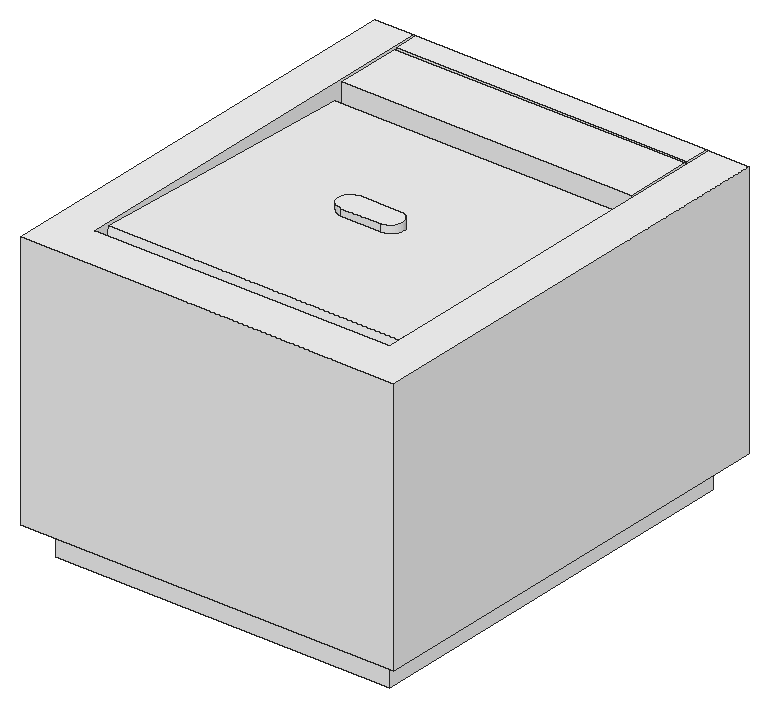
Revit family "Gira_020630", category Electrical Fixtures, host Face, Revit 2017
Family settings
  Host = Face
  Maintain Annotation Orientation = Yes
  Round Connector Dimension = Use Diameter
  Part Type = Normal
  Cut with Voids When Loaded = No
  Shared = No
  Room Calculation Point = No
Parameters (values of type "Cover plate Glass pl. of in.sp. WP surface-mounted red")
  With label area = "Yes"
  With exchangeable lens/symbol = "Yes"
  White [instance] = White
  Utilization = "Switch/push button"
  URL = "http://katalog.gira.de/en/datenblatt.html?artikelnr=020630"
  Type of fastening = "Screw mounting"
  Surface protection = "Other"
  Suitable for touch sensor connector for bus system = "No"
  Suitable for degree of protection (IP) = "IP20"
  Scannable symbol / barrier free = "No"
  RAL-number (akin) = "3000"
  Name = "Cover plate Glass pl. of in.sp. WP surface-mounted red"
  Monitoring window/light outlet = "No"
  Model = "Single rocker"
  Material quality = "Other"
  Material = "Other"
  Manufacturer URL = "https://www.gira.de/"
  Manufacturer = "Gira"
  Imprint/indication = "Without imprint"
  HeinzeBIM = "https://bimportal.heinze.de/bim/cover-plate-glass-pl-of-in-sp-wp-surface-mounted-red/3f852d1e259843d817850d7208d42c89a2ee0330"
  Halogen free = "Yes"
  HAN = "020630"
  GTIN = "4010337206309"
  Description = "Cov.pl.in.sp.pane WP SM RD,Cover plate with inscription space and glass pane suitable for water-protected rocker switches, indicator switches, and buttons,,red RAL 3000,Notes :,- Not suitable for 3-pole switches."
  Default Elevation = 1219.2 mm
  Data sheet (1) = "https://katalog.gira.de/en/download.html?artikelnr=020630"
  Colour = "Red"
  Category = "Control element/cover plate for domestic switching devices"
  BIM (1) = "https://media.stage.bim.site/public/gira/36a6b08/IP44_Komplettgerät_Schalten und Tasten.rfa?public/gira/36a6b08/IP44_Komplettgerät_Schalten und Tasten.rfa"
  Available = "No"
Reference planes
  plane 1 "Center (Front/Back)": y = 0
  plane 2: z = 0
  plane 3 "Center (Left/Right)": x = 0
  plane 4: x = 30
  plane 5: x = -30
  plane 6: z = 41.4
Forms (mm)
  Extrusion 1, solid, material "White" <- "White", detail levels medium+fine
    sketch origin (0, 0, 0) x (1, 0, 0) y (0, 1, 0)
      loop
        line (-34, 41) -> (-34, -41) -> (34, -41) -> (34, 41) -> (-34, 41)
    from 0 to -6.2
  Extrusion 2, solid, material "White" <- "White", detail levels medium+fine
    sketch origin (0, 0, 0) x (1, 0, 0) y (0, 1, 0)
      loop
        line (-38, 45) -> (-38, -45) -> (38, -45) -> (38, 45) -> (-38, 45)
    from 0 to 52.4
  Extrusion 3, void
    sketch origin (0, 0, 0) x (1, 0, 0) y (0, 0, 1)
      loop
        line (-30, 59.413) -> (-30, 41.4) -> (30, 41.4) -> (30, 59.413) -> (-30, 59.413)
    from 36 to -113.06
  Extrusion 4, solid, material "White" <- "White", detail levels medium
    sketch origin (225, 0, 0) x (1, 0, 0) y (0, 1, 0)
      loop
        line (-254.5, 44.5) -> (-254.5, -35.5) -> (-195.5, -35.5) -> (-195.5, 44.5) -> (-254.5, 44.5)
    from 41.4 to 52.4
  Extrusion 5, solid, material "White" <- "White", detail levels fine
    sketch origin (0, 0, 0) x (1, 0, 0) y (0, 1, 0)
      loop
        line (-29.5, 45) -> (-29.5, 40) -> (29.5, 40) -> (29.5, 45) -> (-29.5, 45)
    from 41.4 to 52.4
  Extrusion 6, solid, material "White" <- "White", detail levels fine
    sketch origin (0, 0, 0) x (1, 0, 0) y (0, 1, 0)
      loop
        line (29.5, 39.5) -> (-29.5, 39.5) -> (-29.5, 26) -> (29.5, 26) -> (29.5, 39.5)
    from 41.4 to 52.4
  Extrusion 7, solid, material "White" <- "White", detail levels fine
    sketch origin (0, 0, 0) x (1, 0, 0) y (0, 1, 0)
      loop
        arc (-4, -1) -> (-6.5, -3.5) -> (-4, -6) r 2.5
        line (-4, -6) -> (4, -6)
        arc (4, -6) -> (6.5, -3.5) -> (4, -1) r 2.5
        line (4, -1) -> (-4, -1)
    from 41.4 to 52.4
  Extrusion 8, solid, material "White" <- "White", detail levels coarse
    sketch origin (0, 0, 0) x (1, 0, 0) y (0, 1, 0)
      loop
        line (-38, 46) -> (-38, -45) -> (38, -45) -> (38, 46) -> (-38, 46)
    from -6.2 to 52.4
  Extrusion 9, solid, material "White" <- "White", detail levels medium+fine
    sketch origin (0, 0, 0) x (1, 0, 0) y (0, 0, 1)
      loop
        circle (0, 14) r 3.6
    from -46 to -45
  Extrusion 10, solid, material "White" <- "White", detail levels fine
    sketch origin (0, 0, 0) x (0, 1, 0) y (0, 0, 1)
      loop
        line (-36, 41.4) -> (26, 41.4) -> (24.38, 49.736) -> (-33.115, 52.169) -> (-36, 41.4)
    from -29.5 to 29.5
Cuts and joins
  Extrusion 3 cuts Extrusion 2
Dimensions and locks
  aligned and locked: plane 2 to host face
  aligned and locked: level to host face
  aligned and locked: plane 3 "Center (Left/Right)" to nested 1
  aligned and locked: plane 1 "Center (Front/Back)" to nested 1
Nested families
  nested 1: "Schalter" at (0, 0, 0), type "Schalter"
Connectors
  electrical at (0, 0, -6.2)
    settings: on Extrusion 1, index 1, voltage 224 V, apparent load 0 VA, apparent load phase1 0 VA, apparent load phase2 0 VA, apparent load phase3 0 VA, power factor 1, load classification "Other", number of poles 1, system type 30, power factor state 1, is connector primary yes, connector utility no, sub classification motor no, connector description ""
Definition of nested family "Schalter"
  Reference planes
    plane 1: y = 0
    plane 2: x = 0
  Lines and regions (mm)
    detail lines
      curve 1: circle (1.375, 2.778, 0) r 0.8 normal (0, 0, 1)
      curve 2: line (1.021, 2.061, 0) -> (0, 0, 0)
      curve 3: line (0, 0, 0) -> (-0.538, 0.266, 0)
  Dimensions and locks
    curve 2 to curve 2 = 2.3 mm
    curve 3 to curve 2 = 0.6 mm
    radius of curve 1 = 0.8 mm
